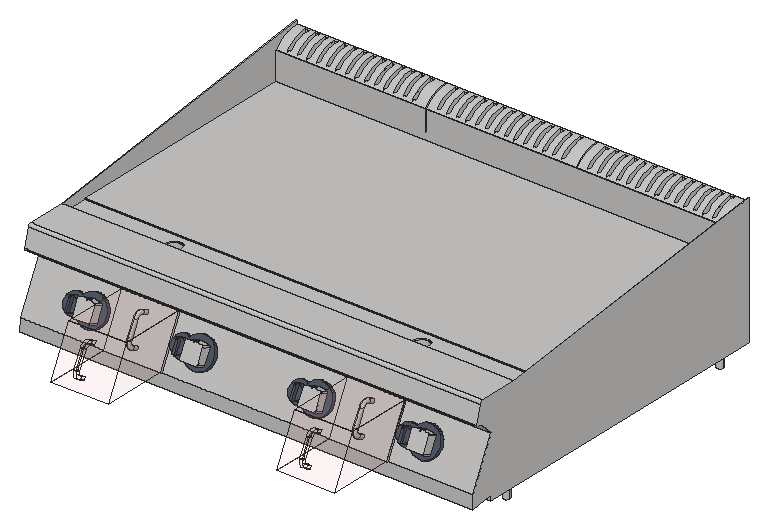
Revit family "QF_ZANUSSI_392406_Z9IIKAAOMIA", category Specialty Equipment, Revit 2018 (continued)
Automatic sketch dimensions
  Extrusion 24 sketch curve to Extrusion 24 sketch curve = 0.014 mm
  Extrusion 24 sketch curve to Extrusion 24 sketch curve = 9.369 mm
  Extrusion 24 sketch curve to Extrusion 24 sketch curve = 0.044 mm
  Extrusion 25 sketch curve to plane 15 = 0 mm
  Extrusion 25 sketch curve to plane 1 "BACK" = 0 mm
  plane 1 "BACK" to Extrusion 25 sketch curve = 4.947 mm
  Extrusion 25 sketch curve to plane 16 = 39 mm
  plane 1 "BACK" to Extrusion 25 sketch curve = 69.85 mm
  Extrusion 25 sketch curve to plane 16 = 8.3 mm
  plane 1 "BACK" to Extrusion 26 sketch curve = 6.761 mm  (x14)
  Extrusion 26 sketch curve to Extrusion 26 sketch curve = 57.15 mm
  Extrusion 26 sketch curve to Extrusion 26 sketch curve = 0 mm  (x13)
  plane 7 "Center Y" to Extrusion 26 sketch curve = 225.796 mm
  Extrusion 26 sketch curve to Extrusion 26 sketch curve = 9.296 mm  (x14)
  Extrusion 26 sketch curve to Extrusion 26 sketch curve = 16.193 mm  (x13)
  Extrusion 27 sketch curve to plane 15 = 0 mm
  Extrusion 27 sketch curve to plane 1 "BACK" = 0 mm
  Extrusion 27 sketch curve to plane 16 = 0 mm
  Extrusion 27 sketch curve to plane 5 "FRONT" = 137.461 mm
  plane 7 "Center Y" to Extrusion 29 sketch curve = 224 mm
  Extrusion 29 sketch curve to Extrusion 29 sketch curve = 135 mm
  Extrusion 29 sketch curve to Extrusion 29 sketch curve = 152 mm
  Sweep 30 sketch curve to plane 5 "FRONT" = 28.401 mm
  Sweep 30 sketch curve to plane 15 = 108.706 mm
  Sweep 30 sketch curve to Sweep 30 sketch curve = 10.999 mm  (x2)
  Sweep 30 sketch curve to Sweep 30 sketch curve = 46.803 mm
  Sweep 30 sketch curve to Sweep 30 sketch curve = 15.875 mm  (x2)
  Sweep 30 sketch curve to profile plane = 0 mm
  profile plane to Sweep 30 sketch curve = 4.691 mm
  Extrusion 31 sketch curve to plane 7 "Center Y" = 168 mm
  Extrusion 31 sketch curve to Extrusion 31 sketch curve = 2.997 mm  (x3)
  Extrusion 31 sketch curve to Extrusion 31 sketch curve = 20.003 mm  (x2)
  Extrusion 31 sketch curve to Extrusion 31 sketch curve = 40.005 mm
  Extrusion 31 sketch curve to Extrusion 31 sketch curve = 5.399 mm
  Extrusion 31 sketch curve to Extrusion 31 sketch curve = 40.037 mm
  Extrusion 31 sketch curve to Extrusion 31 sketch curve = 0 mm  (x2)
  Extrusion 32 sketch curve to plane 7 "Center Y" = 162.5 mm
  Extrusion 32 sketch curve to Extrusion 32 sketch curve = 35 mm  (x2)
  Extrusion 33 sketch curve to plane 5 "FRONT" = 9.329 mm
  Extrusion 33 sketch curve to plane 15 = 112.016 mm
  Extrusion 33 sketch curve to Extrusion 33 sketch curve = 3 mm
  Extrusion 33 sketch curve to Extrusion 33 sketch curve = 0 mm
  Extrusion 33 sketch curve to Extrusion 33 sketch curve = 1 mm  (x2)
  Extrusion 33 sketch curve to Extrusion 33 sketch curve = 15 mm
  plane 7 "Center Y" to Extrusion 34 sketch curve = 144.5 mm
  Extrusion 34 sketch curve to Extrusion 34 sketch curve = 2.997 mm  (x3)
  Extrusion 34 sketch curve to Extrusion 34 sketch curve = 20.003 mm  (x2)
  Extrusion 34 sketch curve to Extrusion 34 sketch curve = 40.005 mm
  Extrusion 34 sketch curve to Extrusion 34 sketch curve = 5.399 mm
  Extrusion 34 sketch curve to Extrusion 34 sketch curve = 40.037 mm
  Extrusion 34 sketch curve to Extrusion 34 sketch curve = 0 mm  (x2)
  plane 7 "Center Y" to Extrusion 35 sketch curve = 150 mm
  Extrusion 35 sketch curve to Extrusion 35 sketch curve = 35 mm  (x2)
  Extrusion 36 sketch curve to plane 5 "FRONT" = 9.329 mm
  Extrusion 36 sketch curve to plane 15 = 112.016 mm
  Extrusion 36 sketch curve to Extrusion 36 sketch curve = 3 mm
  Extrusion 36 sketch curve to Extrusion 36 sketch curve = 0 mm
  Extrusion 36 sketch curve to Extrusion 36 sketch curve = 1 mm  (x2)
  Extrusion 36 sketch curve to Extrusion 36 sketch curve = 15 mm
  plane 9 to Extrusion 37 sketch curve = 73.078 mm
  Extrusion 37 sketch curve to plane 15 = 87.017 mm
  Extrusion 37 sketch curve to Extrusion 37 sketch curve = 156.574 mm
  Extrusion 37 sketch curve to Extrusion 37 sketch curve = 57.244 mm
  Extrusion 37 sketch curve to Extrusion 37 sketch curve = 135 mm  (x2)
  Extrusion 38 sketch curve to Extrusion 38 sketch curve = 0 mm  (x6)
  plane 9 to Extrusion 38 sketch curve = 23.322 mm
  Extrusion 38 sketch curve to plane 15 = 105.731 mm
  Extrusion 38 sketch curve to Extrusion 38 sketch curve = 9.4 mm  (x2)
  Extrusion 38 sketch curve to Extrusion 38 sketch curve = 10.485 mm  (x2)
  Extrusion 38 sketch curve to Extrusion 38 sketch curve = 16.355 mm  (x2)
  Extrusion 38 sketch curve to Extrusion 38 sketch curve = 47.769 mm
  Extrusion 38 sketch curve to Extrusion 38 sketch curve = 0.014 mm
  Extrusion 38 sketch curve to Extrusion 38 sketch curve = 9.369 mm
  Extrusion 38 sketch curve to Extrusion 38 sketch curve = 0.044 mm
  plane 13 to Extrusion 39 sketch curve = 260.6 mm
  Extrusion 39 sketch curve to plane 5 "FRONT" = 171.264 mm
  plane 13 to Extrusion 40 sketch curve = 113.505 mm
  Extrusion 40 sketch curve to Extrusion 40 sketch curve = 0 mm
  Extrusion 40 sketch curve to Extrusion 40 sketch curve = 46.19 mm
  Extrusion 40 sketch curve to Extrusion 40 sketch curve = 23.731 mm
  Extrusion 40 sketch curve to Extrusion 40 sketch curve = 13.991 mm
  plane 13 to Extrusion 41 sketch curve = 113.179 mm
  Extrusion 42 sketch curve to Extrusion 42 sketch curve = 0 mm  (x8)
  plane 13 to Extrusion 42 sketch curve = 116.354 mm
  Extrusion 42 sketch curve to Extrusion 42 sketch curve = 17.978 mm
  Extrusion 42 sketch curve to Extrusion 42 sketch curve = 14.541 mm
  Extrusion 42 sketch curve to Extrusion 42 sketch curve = 3.437 mm  (x2)
  Extrusion 42 sketch curve to Extrusion 42 sketch curve = 0.261 mm
  Extrusion 42 sketch curve to Extrusion 42 sketch curve = 2.381 mm
  Extrusion 43 sketch curve to plane 7 "Center Y" = 190.495 mm
  Extrusion 43 sketch curve to Extrusion 43 sketch curve = 0 mm
  Extrusion 43 sketch curve to Extrusion 43 sketch curve = 46.19 mm
  Extrusion 43 sketch curve to Extrusion 43 sketch curve = 23.731 mm
  Extrusion 43 sketch curve to Extrusion 43 sketch curve = 13.991 mm
  Extrusion 44 sketch curve to plane 7 "Center Y" = 190.821 mm
  Extrusion 45 sketch curve to Extrusion 45 sketch curve = 0 mm  (x8)
  Extrusion 45 sketch curve to plane 7 "Center Y" = 187.646 mm
  Extrusion 45 sketch curve to Extrusion 45 sketch curve = 17.978 mm
  Extrusion 45 sketch curve to Extrusion 45 sketch curve = 14.541 mm
  Extrusion 45 sketch curve to Extrusion 45 sketch curve = 3.437 mm  (x2)
  Extrusion 45 sketch curve to Extrusion 45 sketch curve = 0.261 mm
  Extrusion 45 sketch curve to Extrusion 45 sketch curve = 2.381 mm
  plane 7 "Center Y" to Extrusion 46 sketch curve = 122.005 mm
  Extrusion 46 sketch curve to Extrusion 46 sketch curve = 0 mm
  Extrusion 46 sketch curve to Extrusion 46 sketch curve = 46.19 mm
  Extrusion 46 sketch curve to Extrusion 46 sketch curve = 23.731 mm
  Extrusion 46 sketch curve to Extrusion 46 sketch curve = 13.991 mm
  plane 7 "Center Y" to Extrusion 47 sketch curve = 121.679 mm
  Extrusion 48 sketch curve to Extrusion 48 sketch curve = 0 mm  (x8)
  plane 7 "Center Y" to Extrusion 48 sketch curve = 124.854 mm
  Extrusion 48 sketch curve to Extrusion 48 sketch curve = 17.978 mm
  Extrusion 48 sketch curve to Extrusion 48 sketch curve = 14.541 mm
  Extrusion 48 sketch curve to Extrusion 48 sketch curve = 3.437 mm  (x2)
  Extrusion 48 sketch curve to Extrusion 48 sketch curve = 0.261 mm
  Extrusion 48 sketch curve to Extrusion 48 sketch curve = 2.381 mm
  plane 14 to Extrusion 49 sketch curve = 179.495 mm
  Extrusion 49 sketch curve to Extrusion 49 sketch curve = 0 mm
  Extrusion 49 sketch curve to Extrusion 49 sketch curve = 46.19 mm
  Extrusion 49 sketch curve to Extrusion 49 sketch curve = 23.731 mm
  Extrusion 49 sketch curve to Extrusion 49 sketch curve = 13.991 mm
  plane 14 to Extrusion 50 sketch curve = 179.821 mm
  Extrusion 51 sketch curve to Extrusion 51 sketch curve = 0 mm  (x8)
  plane 14 to Extrusion 51 sketch curve = 176.646 mm
  Extrusion 51 sketch curve to Extrusion 51 sketch curve = 17.978 mm
  Extrusion 51 sketch curve to Extrusion 51 sketch curve = 14.541 mm
  Extrusion 51 sketch curve to Extrusion 51 sketch curve = 3.437 mm  (x2)
  Extrusion 51 sketch curve to Extrusion 51 sketch curve = 0.261 mm
  Extrusion 51 sketch curve to Extrusion 51 sketch curve = 2.381 mm
  curve 68 to curve 69 = 0 mm  (x2)
  curve 271 to curve 272 = 0 mm  (x2)
  plane 5 "FRONT" to curve 166 = 0 mm
  curve 128 to plane 3 "LEFT" = 0 mm
  plane 1 "BACK" to curve 9 = 0 mm
  plane 5 "FRONT" to curve 161 = 0 mm
  curve 227 to plane 9 = 0 mm
  curve 127 to plane 7 "Center Y" = 0 mm
  curve 235 to plane 9 = 0 mm
  plane 5 "FRONT" to curve 162 = 0 mm
  curve 162 to plane 4 "RIGHT" = 0 mm
  curve 3 to curve 6 = 150 mm
  plane 3 "LEFT" to curve 9 = 1.588 mm
  plane 13 to curve 13 = 18.703 mm
  curve 14 to curve 12 = 9.296 mm
  curve 12 to curve 16 = 16.193 mm
  curve 16 to curve 19 = 9.296 mm
  plane 1 "BACK" to curve 23 = 6.761 mm
  curve 17 to curve 23 = 16.193 mm
  curve 21 to curve 21 = 9.296 mm
  plane 1 "BACK" to curve 26 = 6.761 mm
  curve 20 to curve 26 = 16.193 mm
  curve 25 to curve 25 = 9.296 mm
  plane 5 "FRONT" to curve 273 = 4.508 mm
  plane 13 to curve 273 = 110.004 mm
  curve 275 to curve 274 = 6.35 mm
  plane 1 "BACK" to curve 31 = 6.761 mm
  curve 24 to curve 31 = 16.193 mm
  curve 29 to curve 29 = 9.296 mm
  plane 5 "FRONT" to curve 129 = 9.347 mm
  curve 275 to curve 129 = 19.646 mm
  curve 129 to curve 130 = 0.809 mm
  curve 133 to curve 133 = 1.583 mm
  curve 130 to curve 131 = 1.846 mm
  curve 130 to curve 144 = 2.189 mm
  curve 28 to curve 33 = 16.193 mm
  curve 129 to curve 132 = 11.892 mm
  curve 33 to curve 32 = 9.296 mm
  curve 136 to plane 5 "FRONT" = 9.329 mm
  curve 133 to curve 136 = 20.417 mm
  plane 9 to curve 134 = 32.481 mm
  curve 144 to curve 134 = 19.134 mm
  curve 134 to curve 143 = 1.738 mm
  curve 135 to curve 136 = 2 mm
  curve 132 to curve 141 = 22.215 mm
  curve 32 to curve 38 = 16.193 mm
  curve 136 to curve 144 = 19.003 mm
  curve 140 to curve 140 = 0.343 mm
  curve 140 to curve 142 = 1.071 mm
  curve 37 to curve 36 = 9.296 mm
  curve 140 to curve 139 = 2.189 mm
  curve 139 to curve 138 = 0.809 mm
  plane 1 "BACK" to curve 40 = 6.761 mm
  curve 36 to curve 40 = 16.193 mm
  curve 40 to curve 42 = 9.296 mm
  plane 9 to curve 225 = 13.033 mm
  curve 143 to curve 225 = 53.131 mm
  plane 1 "BACK" to curve 67 = 6.761 mm
  curve 41 to curve 67 = 16.143 mm
  curve 64 to curve 66 = 9.296 mm
  plane 1 "BACK" to curve 60 = 6.761 mm
  curve 66 to curve 60 = 16.193 mm
  curve 60 to curve 62 = 9.296 mm
  curve 141 to curve 272 = 90.492 mm
  curve 61 to curve 56 = 16.193 mm
  curve 56 to curve 59 = 9.296 mm
  curve 225 to curve 227 = 69.848 mm
  curve 227 to curve 228 = 9.39 mm
  curve 57 to curve 53 = 16.193 mm
  curve 52 to curve 54 = 9.296 mm
  plane 1 "BACK" to curve 49 = 6.761 mm
  curve 54 to curve 49 = 16.193 mm
  curve 49 to curve 48 = 9.296 mm
  plane 1 "BACK" to curve 47 = 6.761 mm
  curve 48 to curve 47 = 16.193 mm
  curve 44 to curve 47 = 9.296 mm
  plane 9 to curve 231 = 13.033 mm
  curve 229 to curve 231 = 73.133 mm
  plane 5 "FRONT" to curve 276 = 4.508 mm
  curve 231 to curve 276 = 29.633 mm
  curve 276 to curve 277 = 6.35 mm
  plane 1 "BACK" to curve 104 = 6.761 mm
  curve 46 to curve 104 = 55.499 mm
  plane 5 "FRONT" to curve 239 = 9.347 mm
  curve 278 to curve 239 = 19.646 mm
  curve 239 to curve 240 = 0.809 mm
  curve 243 to curve 243 = 1.583 mm
  curve 240 to curve 241 = 1.846 mm
  curve 240 to curve 254 = 2.189 mm
  curve 103 to curve 103 = 9.296 mm
  curve 239 to curve 242 = 11.892 mm
  plane 1 "BACK" to curve 106 = 6.761 mm
  curve 102 to curve 106 = 16.193 mm
  curve 245 to plane 5 "FRONT" = 9.329 mm
  curve 243 to curve 245 = 20.417 mm
  curve 230 to curve 244 = 77.761 mm
  curve 244 to curve 253 = 1.738 mm
  curve 245 to curve 246 = 2 mm
  curve 106 to curve 107 = 9.296 mm
  curve 242 to curve 251 = 22.215 mm
  curve 246 to curve 254 = 19.003 mm
  curve 250 to curve 250 = 0.343 mm
  curve 250 to curve 252 = 1.071 mm
  curve 108 to curve 112 = 16.193 mm
  curve 250 to curve 249 = 2.189 mm
  curve 249 to curve 248 = 0.809 mm
  curve 111 to curve 110 = 9.296 mm
  plane 1 "BACK" to curve 117 = 6.761 mm
  curve 110 to curve 117 = 16.193 mm
  curve 115 to curve 114 = 9.296 mm
  curve 252 to curve 165 = 47 mm
  plane 1 "BACK" to curve 121 = 6.761 mm
  curve 114 to curve 121 = 16.193 mm
  curve 119 to curve 118 = 9.296 mm
  plane 1 "BACK" to curve 124 = 6.761 mm
  curve 118 to curve 124 = 16.193 mm
  curve 124 to curve 122 = 9.296 mm
  plane 1 "BACK" to curve 100 = 6.761 mm
  curve 122 to curve 100 = 16.143 mm
  curve 100 to curve 98 = 9.296 mm
  plane 7 "Center Y" to curve 94 = 4.164 mm
  curve 94 to curve 96 = 9.296 mm
  plane 1 "BACK" to curve 90 = 6.761 mm
  curve 96 to curve 90 = 16.193 mm
  curve 90 to curve 92 = 9.296 mm
  plane 1 "BACK" to curve 89 = 6.761 mm
  curve 92 to curve 89 = 16.193 mm
  curve 86 to curve 87 = 9.296 mm
  plane 1 "BACK" to curve 82 = 6.761 mm
  curve 88 to curve 82 = 16.193 mm
  curve 82 to curve 83 = 9.296 mm
  curve 83 to curve 78 = 16.193 mm
  curve 78 to curve 81 = 9.296 mm
  plane 5 "FRONT" to curve 279 = 4.508 mm
  plane 7 "Center Y" to curve 279 = 118.504 mm
  curve 279 to curve 280 = 6.35 mm
  curve 79 to curve 77 = 16.193 mm
  curve 76 to curve 74 = 9.296 mm
  plane 5 "FRONT" to curve 255 = 9.347 mm
  curve 280 to curve 255 = 19.646 mm
  curve 259 to curve 165 = 0.5 mm
  curve 255 to curve 256 = 0.809 mm
  curve 259 to curve 259 = 1.583 mm
  curve 256 to curve 257 = 1.846 mm
  curve 256 to curve 270 = 2.189 mm
  curve 255 to curve 258 = 11.892 mm
  plane 1 "BACK" to curve 73 = 6.761 mm
  curve 74 to curve 73 = 16.193 mm
  curve 70 to curve 73 = 9.296 mm
  curve 262 to plane 5 "FRONT" = 9.329 mm
  curve 259 to curve 262 = 20.417 mm
  plane 9 to curve 260 = 32.481 mm
  curve 257 to curve 260 = 19.134 mm
  curve 260 to curve 269 = 1.738 mm
  curve 261 to curve 262 = 2 mm
  curve 258 to curve 267 = 22.215 mm
  curve 262 to curve 270 = 19.003 mm
  curve 266 to curve 266 = 0.343 mm
  curve 266 to curve 268 = 1.071 mm
  curve 266 to curve 265 = 2.189 mm
  curve 265 to curve 264 = 0.809 mm
  plane 9 to curve 233 = 13.033 mm
  curve 269 to curve 233 = 55.631 mm
  plane 1 "BACK" to curve 202 = 6.761 mm
  curve 72 to curve 202 = 59.406 mm
  curve 201 to curve 201 = 9.296 mm
  plane 1 "BACK" to curve 205 = 6.761 mm
  curve 200 to curve 205 = 16.193 mm
  curve 204 to curve 207 = 9.296 mm
  plane 1 "BACK" to curve 211 = 6.761 mm
  curve 205 to curve 211 = 16.193 mm
  curve 209 to curve 208 = 9.296 mm
  curve 232 to curve 233 = 69.848 mm
  plane 1 "BACK" to curve 215 = 6.761 mm
  curve 208 to curve 215 = 16.193 mm
  curve 233 to curve 237 = 9.39 mm
  curve 213 to curve 212 = 9.296 mm
  plane 1 "BACK" to curve 219 = 6.761 mm
  curve 212 to curve 219 = 16.193 mm
  curve 267 to curve 68 = 149.792 mm
  curve 217 to curve 216 = 9.296 mm
  curve 216 to curve 221 = 16.193 mm
  curve 222 to curve 223 = 9.296 mm
  plane 9 to curve 237 = 13.033 mm
  curve 236 to curve 237 = 73.133 mm
  curve 220 to curve 198 = 16.143 mm
  curve 197 to curve 197 = 9.296 mm
  plane 1 "BACK" to curve 192 = 6.761 mm
  curve 196 to curve 192 = 16.193 mm
  plane 5 "FRONT" to curve 282 = 4.508 mm
  curve 238 to curve 282 = 29.633 mm
  curve 282 to curve 283 = 6.35 mm
  curve 192 to curve 194 = 9.296 mm
  curve 193 to curve 189 = 16.193 mm
  plane 5 "FRONT" to curve 154 = 9.347 mm
  curve 283 to curve 154 = 19.646 mm
  curve 154 to curve 155 = 0.809 mm
  curve 158 to curve 158 = 1.583 mm
  curve 155 to curve 156 = 1.846 mm
  curve 155 to curve 160 = 2.189 mm
  curve 188 to curve 191 = 9.296 mm
  curve 154 to curve 157 = 11.892 mm
  curve 153 to plane 5 "FRONT" = 9.329 mm
  curve 158 to curve 153 = 20.417 mm
  curve 237 to curve 159 = 77.761 mm
  curve 189 to curve 185 = 16.193 mm
  curve 159 to curve 150 = 1.738 mm
  curve 152 to curve 152 = 2 mm
  curve 184 to curve 187 = 9.296 mm
  curve 157 to curve 148 = 22.215 mm
  curve 151 to curve 160 = 19.003 mm
  curve 147 to curve 147 = 0.343 mm
  curve 147 to curve 149 = 1.071 mm
  curve 147 to curve 146 = 2.189 mm
  curve 146 to curve 145 = 0.809 mm
  plane 1 "BACK" to curve 183 = 6.761 mm
  curve 186 to curve 183 = 16.193 mm
  curve 180 to curve 182 = 9.296 mm
  plane 1 "BACK" to curve 179 = 6.761 mm
  curve 182 to curve 179 = 16.193 mm
  curve 176 to curve 178 = 9.296 mm
  plane 1 "BACK" to curve 173 = 6.761 mm
  curve 178 to curve 173 = 16.193 mm
  curve 173 to curve 173 = 9.296 mm
  plane 1 "BACK" to curve 171 = 6.761 mm
  curve 172 to curve 171 = 16.193 mm
  curve 168 to curve 170 = 9.296 mm
  plane 4 "RIGHT" to curve 7 = 1.588 mm
  curve 4 to curve 167 = 150 mm
  curve 134 to curve 143 = 0 mm
  plane 9 to curve 150 = 32.481 mm
  curve 159 to curve 150 = 0 mm
  curve 260 to curve 269 = 0 mm
  plane 9 to curve 253 = 32.481 mm
  curve 244 to curve 253 = 0 mm
  plane 5 "FRONT" to curve 160 = 10.68 mm
  curve 270 to curve 256 = 1.333 mm
  curve 144 to curve 130 = 1.333 mm
  plane 5 "FRONT" to curve 254 = 10.68 mm
  curve 147 to curve 146 = 1.333 mm
  curve 250 to curve 249 = 1.333 mm
  curve 266 to curve 264 = 1.333 mm
  curve 140 to curve 139 = 1.333 mm
  curve 155 to curve 156 = 2.779 mm
  curve 256 to curve 257 = 2.779 mm
  curve 249 to curve 250 = 2.779 mm
  curve 130 to curve 131 = 2.779 mm
  curve 240 to curve 241 = 2.779 mm
  curve 146 to curve 147 = 2.779 mm
  curve 265 to curve 266 = 2.779 mm
  curve 139 to curve 140 = 2.779 mm
  curve 280 to curve 280 = 4.508 mm
  plane 5 "FRONT" to curve 277 = 4.508 mm
  curve 274 to curve 274 = 4.508 mm
  curve 283 to curve 283 = 4.508 mm
  curve 149 to plane 5 "FRONT" = 7.894 mm
  curve 158 to plane 5 "FRONT" = 7.894 mm
  curve 133 to plane 5 "FRONT" = 7.894 mm
  curve 268 to plane 5 "FRONT" = 7.894 mm
  curve 259 to plane 5 "FRONT" = 7.894 mm
  curve 243 to plane 5 "FRONT" = 7.894 mm
  curve 252 to plane 5 "FRONT" = 7.894 mm
  curve 142 to plane 5 "FRONT" = 7.894 mm
  curve 245 to curve 242 = 41.91 mm
  curve 262 to curve 267 = 41.91 mm
  curve 136 to curve 141 = 41.91 mm
  curve 132 to curve 141 = 0 mm
  curve 151 to curve 148 = 41.91 mm
  curve 242 to curve 251 = 0 mm
  curve 258 to curve 267 = 0 mm
  curve 157 to curve 148 = 0 mm
  curve 7 to plane 5 "FRONT" = 137.461 mm
  curve 141 to curve 271 = 120.025 mm
  curve 157 to curve 68 = 120.025 mm
  curve 110 to curve 116 = 57.15 mm
  curve 109 to curve 111 = 0 mm
  curve 19 to curve 22 = 57.15 mm
  curve 104 to curve 106 = 0 mm
  curve 66 to curve 66 = 57.15 mm
  curve 101 to curve 98 = 57.15 mm
  curve 18 to curve 24 = 0 mm
  curve 110 to curve 114 = 0 mm
  curve 98 to curve 96 = 0 mm
  curve 18 to curve 22 = 0 mm
  curve 65 to curve 62 = 0 mm
  curve 70 to curve 70 = 57.15 mm
  curve 95 to curve 92 = 0 mm
  curve 14 to curve 16 = 0 mm
  curve 91 to curve 88 = 0 mm
  curve 61 to curve 58 = 0 mm
  curve 124 to curve 100 = 0 mm
  curve 87 to curve 84 = 0 mm
  curve 83 to curve 80 = 0 mm
  curve 57 to curve 54 = 0 mm
  curve 53 to curve 51 = 0 mm
  curve 77 to curve 70 = 0 mm
  curve 24 to curve 28 = 0 mm
  curve 118 to curve 123 = 0 mm
  curve 168 to curve 168 = 57.15 mm
  curve 172 to curve 168 = 0 mm
  curve 176 to curve 174 = 0 mm
  curve 28 to curve 32 = 0 mm
  curve 180 to curve 176 = 0 mm
  curve 32 to curve 36 = 0 mm
  curve 184 to curve 180 = 0 mm
  curve 36 to curve 40 = 0 mm
  curve 188 to curve 184 = 0 mm
  curve 48 to curve 44 = 0 mm
  curve 192 to curve 188 = 0 mm
  curve 222 to curve 192 = 0 mm
  curve 196 to curve 192 = 0 mm
  curve 218 to curve 221 = 0 mm
  curve 200 to curve 200 = 57.15 mm
  curve 214 to curve 217 = 0 mm
  curve 200 to curve 204 = 0 mm
  curve 206 to curve 210 = 0 mm
  plane 1 "BACK" to curve 198 = 6.761 mm
  plane 1 "BACK" to curve 220 = 6.761 mm
  plane 1 "BACK" to curve 191 = 6.761 mm
  plane 1 "BACK" to curve 187 = 6.761 mm
  plane 1 "BACK" to curve 39 = 6.761 mm
  plane 1 "BACK" to curve 35 = 6.761 mm
  plane 1 "BACK" to curve 52 = 6.761 mm
  plane 1 "BACK" to curve 56 = 6.761 mm
  plane 1 "BACK" to curve 113 = 6.761 mm
  plane 1 "BACK" to curve 18 = 6.761 mm
  plane 1 "BACK" to curve 15 = 6.761 mm
  plane 1 "BACK" to curve 97 = 6.761 mm
  plane 1 "BACK" to curve 81 = 6.761 mm
  plane 1 "BACK" to curve 74 = 6.761 mm
  curve 2 to plane 1 "BACK" = 100 mm
  curve 132 to curve 129 = 9.809 mm
  curve 275 to curve 163 = 4.565 mm
  curve 134 to curve 133 = 0.284 mm
  curve 142 to curve 142 = 0.284 mm
  curve 138 to curve 141 = 9.809 mm
  curve 272 to curve 271 = 20 mm
  curve 242 to curve 239 = 9.809 mm
  curve 278 to curve 243 = 4.565 mm
  curve 243 to curve 243 = 0.284 mm
  curve 252 to curve 253 = 0.284 mm
  curve 248 to curve 251 = 9.809 mm
  curve 258 to curve 255 = 9.809 mm
  curve 281 to curve 164 = 5.065 mm
  curve 260 to curve 259 = 0.284 mm
  curve 268 to curve 269 = 0.284 mm
  curve 264 to curve 267 = 9.809 mm
  curve 69 to curve 68 = 20 mm
  curve 224 to curve 192 = 4.164 mm
  curve 157 to curve 154 = 9.809 mm
  curve 284 to curve 164 = 4.565 mm
  curve 158 to curve 158 = 0.284 mm
  curve 149 to curve 149 = 0.284 mm
  curve 145 to curve 148 = 9.809 mm
  curve 278 to plane 5 "FRONT" = 3.489 mm
  curve 275 to plane 5 "FRONT" = 3.489 mm
  curve 284 to plane 5 "FRONT" = 3.489 mm
  curve 281 to plane 5 "FRONT" = 3.489 mm
  curve 133 to curve 133 = 0.567 mm
  curve 252 to curve 252 = 0.567 mm
  curve 243 to curve 243 = 0.567 mm
  curve 259 to curve 259 = 0.567 mm
  curve 158 to curve 158 = 0.567 mm
  curve 268 to curve 268 = 0.567 mm
  curve 142 to curve 142 = 0.567 mm
  curve 149 to curve 149 = 0.567 mm
  curve 259 to curve 258 = 1.156 mm
  curve 7 to curve 8 = 70 mm
  curve 10 to curve 169 = 7.527 mm
  curve 10 to curve 126 = 1.588 mm
  plane 3 "LEFT" to Extrusion 3 sketch curve = 1.588 mm
  plane 1 "BACK" to Extrusion 3 sketch curve = 69.85 mm
  Extrusion 3 sketch curve to Extrusion 3 sketch curve = 1.588 mm
  plane 4 "RIGHT" to Extrusion 3 sketch curve = 1.588 mm
  plane 4 "RIGHT" to Extrusion 4 sketch curve = 1.588 mm
  plane 1 "BACK" to Extrusion 4 sketch curve = 71.438 mm
  plane 3 "LEFT" to Extrusion 4 sketch curve = 1.588 mm
  Extrusion 4 sketch curve to plane 5 "FRONT" = 137.461 mm
  plane 14 to Extrusion 5 sketch curve = 36 mm
  Extrusion 5 sketch curve to plane 8 "Center X" = 196.5 mm
  plane 5 "FRONT" to Extrusion 6 sketch curve = 0 mm  (x2)
  Extrusion 6 sketch curve to plane 3 "LEFT" = 0 mm
  Extrusion 6 sketch curve to plane 4 "RIGHT" = 0 mm
  plane 1 "BACK" to Extrusion 6 sketch curve = 0 mm
  Extrusion 6 sketch curve to plane 3 "LEFT" = 150 mm
  Extrusion 6 sketch curve to plane 4 "RIGHT" = 150 mm
  Extrusion 6 sketch curve to plane 1 "BACK" = 100 mm
  plane 4 "RIGHT" to Extrusion 10 sketch curve = 1.588 mm
  plane 3 "LEFT" to Extrusion 10 sketch curve = 1.588 mm
  plane 1 "BACK" to Extrusion 10 sketch curve = 71.438 mm
  Extrusion 10 sketch curve to plane 5 "FRONT" = 207.461 mm
  Extrusion 1 to Extrusion 28 sketch curve = 42 mm
  Extrusion 1 to Extrusion 28 sketch curve = 47 mm
  radius of Extrusion 2 sketch curve = 8.5 mm  (x4)
  radius of Extrusion 8 sketch curve = 20 mm
  radius of Sweep 22 sketch curve = 4.691 mm
  radius of Sweep 30 sketch curve = 4.691 mm
  radius of Extrusion 39 sketch curve = 20 mm
  radius of Extrusion 41 sketch curve = 19.05 mm
  radius of Extrusion 44 sketch curve = 19.05 mm
  radius of Extrusion 47 sketch curve = 19.05 mm
  radius of Extrusion 50 sketch curve = 19.05 mm
  radius of Extrusion 5 sketch curve = 6.35 mm  (x2)
  radius of Extrusion 28 sketch curve = 6.5 mm
Connectors
  piping at (1153, -654, 645), diameter 13
    settings: on Extrusion 5, index 1, connector inside diameter 24", connector length 0 mm, flow factor 0, pipe flow 0 GPM, pressure drop 0.00 psi, fitting loss kfactor 0, connector angle 0.00°, fixture units 0, engagement length 0 mm, angle of deflection 0.00°, flow configuration 0, flow direction 0, fitting loss method 0, system type 22, joint type 0, gender type 0, connector reference index -1, connector utility 0, adjustable connector no, is connector primary yes, connector description "GAS"
  piping at (1153, -40, 645), diameter 13
    settings: on Extrusion 5, index 2, connector inside diameter 24", connector length 0 mm, flow factor 0, pipe flow 0 GPM, pressure drop 0.00 psi, fitting loss kfactor 0, connector angle 0.00°, fixture units 0, engagement length 0 mm, angle of deflection 0.00°, flow configuration 0, flow direction 0, fitting loss method 0, system type 22, joint type 0, gender type 0, connector reference index -1, connector utility 0, adjustable connector no, is connector primary no, connector description "GAS"
  piping at (1153, 10, 692), diameter 13
    settings: on Extrusion 28, index 3, connector inside diameter 24", connector length 0 mm, flow factor 0, pipe flow 0 GPM, pressure drop 0.00 psi, fitting loss kfactor 0, connector angle 0.00°, fixture units 0, engagement length 0 mm, angle of deflection 0.00°, flow configuration 0, flow direction 0, fitting loss method 0, system type 22, joint type 0, gender type 0, connector reference index -1, connector utility 0, adjustable connector no, is connector primary no, connector description "GAS"
